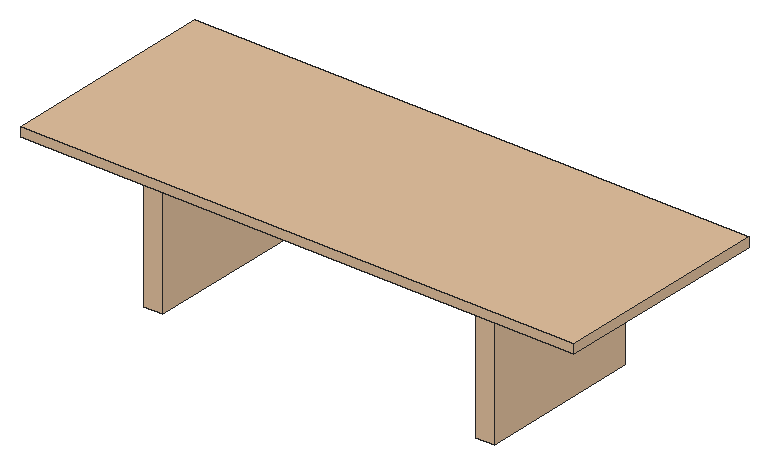
Revit family
Parameters (values of type "1200 x 3050mm")
  Keynote = "N"
  Assembly Code = ""
  Description = "Seating 10-12"
  Material = Wood - Cherry
  Height = 760 mm
  Length = 3050 mm
  Width = 1200 mm
Types (2, lengths in mm): name | Length
  1200 x 3050mm | 3050
  1200 x 2500mm | 2500
Reference planes
  plane 1 "Center F/B": y = 0
  plane 2: z = 0
  plane 3 "Center L/R": x = 0
  plane 4: x = -915.4
  plane 5: x = -1525
  plane 6: x = 915.4
  plane 7: x = 1525
  plane 8: y = -600
  plane 9: y = 600
  plane 10: y = 447.6
  plane 11: y = -447.6
Forms (mm)
  Extrusion 1, solid, material "Wood - Cherry" <- "Material"
    sketch origin (0, 0, 0) x (1, 0, 0) y (0, 1, 0)
      loop
        line (-1525, -600) -> (1525, -600) -> (1525, 600) -> (-1525, 600) -> (-1525, -600)
    from 709.2 to 760
  Extrusion 2, solid, material "Wood - Cherry" <- "Material"
    sketch origin (0, 0, 0) x (1, 0, 0) y (0, 1, 0)
      loop
        line (-966.2, -447.6) -> (-864.6, -447.6) -> (-864.6, 447.6) -> (-966.2, 447.6) -> (-966.2, -447.6)
      loop
        line (864.6, -447.6) -> (966.2, -447.6) -> (966.2, 447.6) -> (864.6, 447.6) -> (864.6, -447.6)
    from 0 to 709.2
  Extrusion 3, solid, material "Wood - Cherry" <- "Material"
    sketch origin (0, 0, 0) x (1, 0, 0) y (0, 1, 0)
      loop
        line (-864.6, 447.6) -> (-864.6, 409.5) -> (864.6, 409.5) -> (864.6, 447.6) -> (-864.6, 447.6)
      loop
        line (-864.6, -447.6) -> (864.6, -447.6) -> (864.6, -409.5) -> (-864.6, -409.5) -> (-864.6, -447.6)
    from 607.6 to 709.2
Lines and regions (mm)
  Masking region 1
    outline origin (0, 0, 0) x (1, 0, 0) y (0, 1, 0)
      loop
        line (-1525, 600) -> (-1525, -600) -> (1525, -600) -> (1525, 600) -> (-1525, 600)
  symbolic lines
    curve 1: line (1525, 600, 0) -> (-1525, 600, 0)
    curve 2: line (1525, -600, 0) -> (1525, 600, 0)
    curve 3: line (-1525, -600, 0) -> (1525, -600, 0)
    curve 4: line (-1525, 600, 0) -> (-1525, -600, 0)
Dimensions and locks
  "Length": plane 5 to plane 7
  locked: plane 5 to plane 4 at 609.6
  locked: plane 6 to plane 7 at 609.6
  equal spacing: plane 4, plane 3 "Center L/R", plane 6
  "Width": plane 9 to plane 8
  locked: plane 11 to plane 8 at 152.4
  locked: plane 10 to plane 9 at 152.4
  equal spacing: plane 10, plane 1 "Center F/B", plane 11
  "Height": Extrusion 1 to plane 2
  locked: Extrusion 1 to Extrusion 1 at 50.8
  locked: Extrusion 3 to Extrusion 3 at 101.6  (x2)
  aligned and locked: Extrusion 2 to Extrusion 1
  aligned and locked: Extrusion 3 to Extrusion 1
  aligned and locked: curve 1 to Extrusion 1
  aligned and locked: curve 2 to Extrusion 1
  aligned and locked: curve 3 to Extrusion 1
  aligned and locked: curve 4 to Extrusion 1
  aligned: Masking region 1 sketch curve to Extrusion 1  (x3)
  aligned: Extrusion 1 to Masking region 1 sketch curve
Automatic sketch dimensions
  Masking region 1 sketch curve to plane 5 = 0 mm
  Masking region 1 sketch curve to plane 7 = 0 mm
  Masking region 1 sketch curve to plane 8 = 0 mm
  Masking region 1 sketch curve to plane 9 = 0 mm
